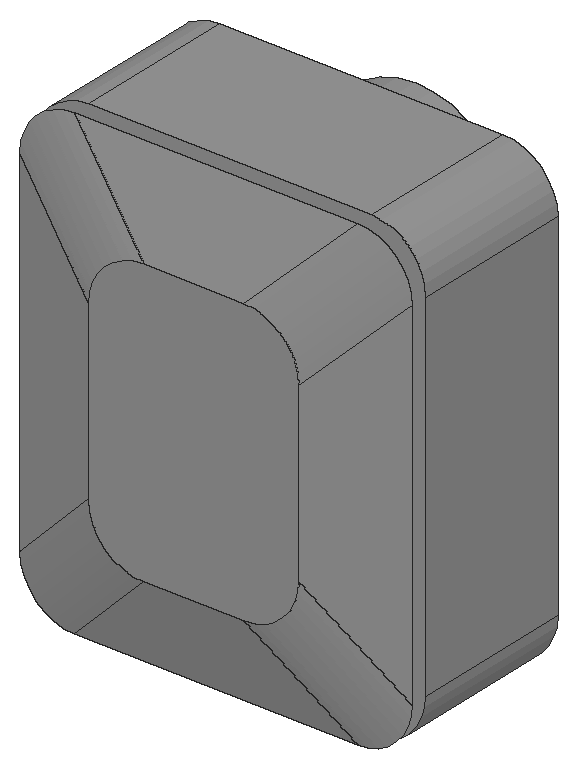
Revit family "Fantom_Eng", category Mechanical Equipment, Revit 2021
Family settings
  Round Connector Dimension = Use Diameter
  Classification = None
  Part Type = Normal
  Work Plane-Based = No
  Always vertical = Yes
  Cut with Voids When Loaded = No
  Shared = No
  Room Calculation Point = No
Parameters (values of type "Fantom")
  Width = B  # 215 mm
  Voltage = 230 V
  Sound pressure level at 3 m distance = "35.5 dBA"
  Pressure_Static_Air [instance] = 0.0 Pa
  Power = 27 W
  Number of Fase = 1
  Maximum Air Flow = 107.0 m³/h
  Load Classification = "HVAC"
  Length = L  # 115 mm
  Height = H  # 256 mm
  Frequency = 50 Hz
  Diameter = D  # 100 mm
  Default Elevation = 0 mm
  Manufacturer = "Vents"  # constant formula
  Maintenance zone material = none
  L1 = 37 mm
  L = 115 mm
  H1 = H - 100 mm  # 156 mm
  H = 256 mm
  Dy = D - 5 mm  # 95 mm
  D = 100 mm
  Casing Material = Plastic, opaque, white
  B1 = B - 100 mm  # 115 mm
  B = 215 mm
  Amperage = 0.116 A
  Air Flow [instance] = 0.0 m³/h
  09_System_Name [instance] = ""
  00_20_Type = "Fantom"
  00_20_Name = "Centrifugal fan"
  00_20_Manufacturer = "Vents"  # constant formula
Reference planes
  plane 1 "По центру (Вперед/Назад)": y = 0
  plane 2: z = 0
  plane 3 "По центру (Влево/Вправо)": x = 0
Forms (mm)
  Extrusion 1, solid, material "Plastic, opaque, white"
    sketch origin (0, 0, 0) x (1, 0, 0) y (0, 0, 1)
      loop
        line (-77.5, -128) -> (77.5, -128)
        arc (77.5, -128) -> (98.713, -119.213) -> (107.5, -98) r 30
        line (107.5, -98) -> (107.5, 98)
        arc (107.5, 98) -> (98.713, 119.213) -> (77.5, 128) r 30
        line (77.5, 128) -> (-77.5, 128)
        arc (-77.5, 128) -> (-98.713, 119.213) -> (-107.5, 98) r 30
        line (-107.5, 98) -> (-107.5, -98)
        arc (-107.5, -98) -> (-98.713, -119.213) -> (-77.5, -128) r 30
    from 0 to 90
  Extrusion 2, solid, material "Plastic, opaque, white"
    sketch origin (0, 0, 0) x (1, 0, 0) y (0, 0, 1)
      loop
        circle (0, 60) r 50
      loop
        circle (0, 60) r 47.5
    from -37 to 0
  Extrusion 3, solid, material "Plastic, opaque, white"
    sketch origin (0, 0, 0) x (1, 0, 0) y (0, 0, 1)
      loop
        circle (-87.5, 108) r 3
      loop
        circle (87.5, 108) r 3
      loop
        circle (-87.5, -108) r 3
      loop
        circle (87.5, -108) r 3
    from 90 to 99.598
  Blend 4, solid, material "Plastic, opaque, white"
    base sketch origin (0, 0, 0) x (1, 0, 0) y (0, 0, 1)
      loop
        arc (-77.5, 128) -> (-98.713, 119.213) -> (-107.5, 98) r 30
        line (-107.5, 98) -> (-107.5, -98)
        arc (-107.5, -98) -> (-98.713, -119.213) -> (-77.5, -128) r 30
        line (-77.5, -128) -> (77.5, -128)
        arc (77.5, -128) -> (98.713, -119.213) -> (107.5, -98) r 30
        line (107.5, -98) -> (107.5, 98)
        arc (107.5, 98) -> (98.713, 119.213) -> (77.5, 128) r 30
        line (77.5, 128) -> (-77.5, 128)
    top sketch origin (0, 0, 0) x (1, 0, 0) y (0, 0, 1)
      loop
        arc (-27.5, 78) -> (-48.713, 69.213) -> (-57.5, 48) r 30
        line (-57.5, 48) -> (-57.5, -48)
        arc (-57.5, -48) -> (-48.713, -69.213) -> (-27.5, -78) r 30
        line (-27.5, -78) -> (27.5, -78)
        arc (27.5, -78) -> (48.713, -69.213) -> (57.5, -48) r 30
        line (57.5, -48) -> (57.5, 48)
        arc (57.5, 48) -> (48.713, 69.213) -> (27.5, 78) r 30
        line (27.5, 78) -> (-27.5, 78)
    from 99.598 to 115
Dimensions and locks
  equal spacing: Extrusion 1 sketch curve, plane 3 "По центру (Влево/Вправо)", Extrusion 1 sketch curve
  "B": Extrusion 1 sketch curve to Extrusion 1 sketch curve
  equal spacing: Extrusion 1 sketch curve, plane 2, Extrusion 1 sketch curve
  "H": Extrusion 1 sketch curve to Extrusion 1 sketch curve
  Extrusion 2 sketch curve to plane 2 = 60 mm  (x2)
  "L1": Extrusion 2 to plane 1 "По центру (Вперед/Назад)"
  Extrusion 1 to Extrusion 3 sketch curve = 20 mm  (x2)
  equal spacing: Blend 4 sketch curve, plane 3 "По центру (Влево/Вправо)", Blend 4 sketch curve
  equal spacing: Blend 4 sketch curve, plane 2, Blend 4 sketch curve
  "H1": Blend 4 sketch curve to Blend 4 sketch curve
  "B1": Blend 4 sketch curve to Blend 4 sketch curve
  "L": Blend 4 to plane 1 "По центру (Вперед/Назад)"
  "D": diameter of Extrusion 2 sketch curve
  "Dy": diameter of Extrusion 2 sketch curve
  aligned and locked: level to plane 2
Automatic sketch dimensions
  Extrusion 3 sketch curve to plane 3 "По центру (Влево/Вправо)" = 87.5 mm
  plane 3 "По центру (Влево/Вправо)" to Extrusion 3 sketch curve = 87.5 mm  (x2)
  level to Extrusion 3 sketch curve = 108 mm
  Extrusion 3 sketch curve to level = 108 mm  (x2)
  Blend 4 sketch curve to plane 3 "По центру (Влево/Вправо)" = 107.5 mm
  Blend 4 sketch curve to Blend 4 sketch curve = 30 mm  (x3)
  plane 3 "По центру (Влево/Вправо)" to Blend 4 sketch curve = 77.5 mm  (x2)
  Blend 4 sketch curve to level = 128 mm
  level to Blend 4 sketch curve = 98 mm
  Extrusion 1 sketch curve to Extrusion 1 sketch curve = 30 mm  (x4)
  Extrusion 2 sketch curve to Extrusion 2 sketch curve = 0 mm
  Extrusion 2 sketch curve to plane 3 "По центру (Влево/Вправо)" = 0 mm
  Blend 4 sketch curve to plane 3 "По центру (Влево/Вправо)" = 27.5 mm  (x2)
  plane 3 "По центру (Влево/Вправо)" to Blend 4 sketch curve = 27.5 mm  (x2)
  radius of Extrusion 3 sketch curve = 3 mm  (x4)
Connectors
  hvac at (0, 37, 60), driven by "D"
    settings: on Extrusion 2, index 1, duct flow 0.0 m³/h, flow factor 0, pres drop 0.0 Pa, loss coef 0, conn angle 0.00°, conn width 304.8 mm, conn height 304.8 mm, conn diameter 100 mm, duct sys type 1, conn prof type 0, flow config 0, flow direction 0, loss method 0, conn ref index -1, conn util no, is conn primary yes, conn desc ""
